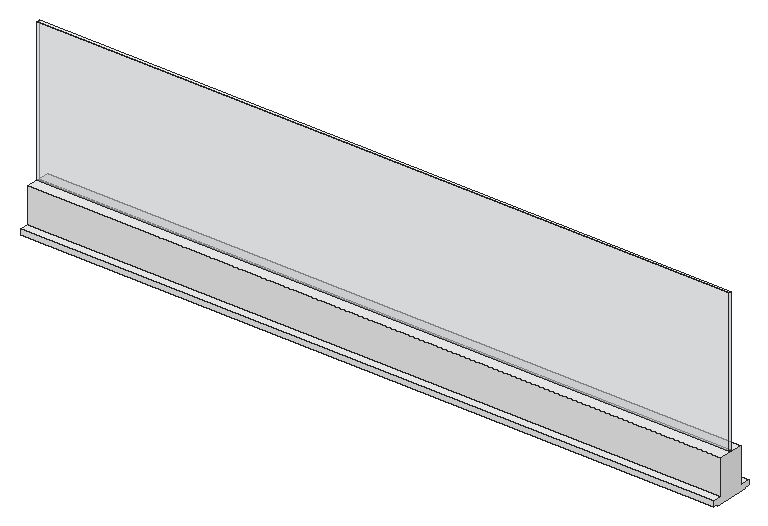
Revit family "Screen-Beam_Mounted-Teknion-JNSAGB-Glass_Add-On-R2015", category Furniture, Revit 2015
Parameters (values of type "Center")
  Width Note [instance] = "This product has widths ranging from 18 to 84 inches in 6 inch increments."  # constant formula
  Width [instance] = 54.000"
  Warranty = "http://www.teknion.com/ca/papers/legal-canada"
  Unit Weight URL = "http://www.teknion.com/ca/tools/assets#&asset=bee6a381-b954-425e-8283-5a2de3a804f2,f828d448-4b62-4231-9e5f-9a8991c0ed77"
  URL = "www.teknion.com"
  Sustainability Data = "http://www.teknion.com/ca/tools/assets#&topic=216f99a5-57a0-44fc-b10a-9dee9b29ae4c&asset=444deb64-fe58-4b68-981e-f75e97781df7"
  Series = "Expansion Cityline"  # constant formula
  Screen Metal Frame Finish [instance] = Mica - Teknion - V - Satin - Very White
  Screen Finish [instance] = Glass - Teknion - FT - Frosted Glass
  Product Page URL = "http://www.teknion.com/ca/products/product-details?productlineid=9ad2a26e-8e7a-673b-a6c8-ff05004460c4"
  Product Line = "Expansion Cityline"  # constant formula
  Product Documentation Link = "http://www.teknion.com/pricing/expansion-cityline/pdfs/JNSAGB_ppg.pdf"
  Part Number = "JNSAGB"  # constant formula
  Model = "JNSAGB"  # constant formula
  Manufacturer Phone = "416-661-3370"  # constant formula
  Manufacturer Fax = "416.661.4586"  # constant formula
  Manufacturer Contact Information = "http://www.teknion.com/ca/contactus"
  Manufacturer Address = "1150 Flint Road, Toronto, ON. M3J 2J5. Canada"  # constant formula
  Manufacturer = "Teknion"  # constant formula
  Height Note [instance] = "This product has the following heights; 42 and 51 inches."  # constant formula
  Height [instance] = 42.000"
  Description = "Glass Add-On Screen – Beam-Mounted"  # constant formula
  Assembly Code = "E2020200"
Reference planes (in)
  plane 1 "Center Front/Back": y = 0
  plane 2: z = 0
  plane 3 "Center Left/Right": x = 0
  plane 4 "Left": x = -27
  plane 5 "Right": x = 27
  plane 6 "Back": y = 0.118
  plane 7 "Front": y = -0.118
  plane 8 "Top": z = 42
  plane 9: z = 27.81102
  plane 10: z = 28.18504
  plane 11: z = 31.81102
  plane 12: z = 53
  plane 13: y = -0.69488
  plane 14: y = 0.69488
  plane 15: y = 0.74988
  plane 16: y = -0.74988
  plane 17: x = -26.94094
  plane 18: x = 26.94094
Forms (in)
  Extrusion 1, solid, material "Mica - Teknion - V - Satin - Very White" <- "Screen Metal Frame Finish"
    sketch origin (0, 0, 0) x (0, 1, 0) y (0, 0, 1)
      loop
        line (1.69291, 27.81102) -> (1.69291, 28.18504) -> (0.94488, 28.18504) -> (0.94488, 30.88976) -> (-0.03602, 30.88976) -> (-0.94488, 30.88976) -> (-0.94488, 28.18504) -> (-1.69291, 28.18504) -> (-1.69291, 27.81102) -> (-1.3248, 27.81102) -> (-1.3248, 27.69291) -> (1.3248, 27.69291) -> (1.3248, 27.81102) -> (1.69291, 27.81102)
    from -27 to 27
  Extrusion 2, solid, material "Glass - Teknion - FT - Frosted Glass" <- "Screen Finish"
    sketch origin (-27, 0, 0) x (0, 1, 0) y (0, 0, 1)
      loop
        line (-0.118, 42) -> (-0.118, 30.88976) -> (0.118, 30.88976) -> (0.118, 42) -> (-0.118, 42)
    from 0.05906 to 53.94094
Lines and regions (in)
  Masking region 1
    outline origin (0, 0, 0) x (1, 0, 0) y (0, 1, 0)
      loop
        line (-27, -0.94488) -> (27, -0.94488) -> (27, 0.94488) -> (-27, 0.94488) -> (-27, -0.94488)
  Masking region 2
    outline origin (0, 0, 0) x (1, 0, 0) y (0, 1, 0)
      loop
        line (-27, 1.69291) -> (-27, -1.69291) -> (27, -1.69291) -> (27, 1.69291) -> (-27, 1.69291)
  symbolic lines, detail levels medium+fine
    curve 1: line (-26.94094, 0.118, 0) -> (26.94094, 0.118, 0)
    curve 2: line (-26.94094, -0.118, 0) -> (26.94094, -0.118, 0)
    curve 6: line (-26.94094, 0.118, 0) -> (-26.94094, -0.118, 0)
    curve 7: line (26.94094, -0.118, 0) -> (26.94094, 0.118, 0)
  symbolic lines, detail levels fine
    curve 3: line (67.96149, -0.118, 26.95669) -> (60.46149, -0.118, 26.95669)
    curve 4: line (27, 1.3248, 0) -> (-27, 1.3248, 0)
    curve 5: line (-27, -1.3248, 0) -> (27, -1.3248, 0)
  reference lines, not visible
    curve 8: line (-27, 1.69291, 0) -> (-27, -1.69291, 0)
    curve 9: line (-27, 1.69291, 0) -> (27, 1.69291, 0)
    curve 10: line (-27, -1.69291, 0) -> (27, -1.69291, 0)
    curve 11: line (27, 1.69291, 0) -> (27, -1.69291, 0)
Dimensions and locks (in)
  "Width": plane 4 "Left" to plane 5 "Right"
  plane 6 "Back" to plane 7 "Front" = 0.236"
  "Height": plane 8 "Top" to level
  locked: plane 9 to plane 2 at 27.81102
  plane 8 "Top" to level = 42.000"
  locked: plane 9 to plane 10 at 0.37402
  equal spacing: plane 4 "Left", plane 3 "Center Left/Right", plane 5 "Right"
  locked: plane 11 to plane 9 at 4
  plane 12 to plane 2 = 53.000"
  plane 13 to plane 7 "Front" = 0.57688"
  plane 6 "Back" to plane 14 = 0.57688"
  locked: plane 16 to plane 13 at 0.055
  locked: plane 14 to plane 15 at 0.055
  plane 9 to Extrusion 1 sketch curve to Extrusion 1 sketch curve = 3.07874" locked, 0.000" locked
  Extrusion 1 sketch curve to Extrusion 1 sketch curve to plane 6 "Back" = 0.37992" locked, 0.82688" locked
  plane 7 "Front" to Extrusion 1 sketch curve to Extrusion 1 sketch curve = 0.82688" locked, 0.37992" locked
  locked: Extrusion 1 sketch curve to plane 6 "Back" at 1.57491
  locked: plane 7 "Front" to Extrusion 1 sketch curve at 1.57491
  locked: Extrusion 1 sketch curve to plane 9 at 0.11811
  locked: plane 4 "Left" to plane 17 at 0.05906
  plane 6 "Back" to plane 1 "Center Front/Back" to plane 7 "Front" = 0.118" locked, 0.118" locked
  locked: plane 5 "Right" to plane 18 at 0.05906
  aligned and locked: level to plane 2
  aligned and locked: Extrusion 1 to plane 5 "Right"
  aligned and locked: Extrusion 1 to plane 4 "Left"
  aligned and locked: plane 8 "Top" to Extrusion 2
  aligned and locked: curve 1 to plane 6 "Back"
  aligned and locked: curve 2 to plane 7 "Front"
  aligned and locked: Masking region 1 sketch curve to plane 4 "Left"
  aligned and locked: Masking region 1 sketch curve to plane 5 "Right"
  aligned and locked: plane 9 to Extrusion 1 sketch curve
  aligned and locked: plane 10 to Extrusion 1 sketch curve  (x2)
  aligned and locked: Extrusion 1 sketch curve to plane 9
  aligned and locked: plane 6 "Back" to Extrusion 2
  aligned and locked: plane 7 "Front" to Extrusion 2
  aligned and locked: Extrusion 2 to plane 17
  aligned and locked: Extrusion 2 to plane 18
  aligned and locked: Extrusion 2 to Extrusion 1
  aligned and locked: Extrusion 2 to curve 6
  aligned and locked: Extrusion 2 to curve 7
  aligned and locked: Masking region 2 sketch curve to plane 5 "Right"
  aligned and locked: Masking region 2 sketch curve to plane 4 "Left"
  aligned and locked: Masking region 2 sketch curve to Extrusion 1  (x2)
  aligned and locked: curve 8 to plane 4 "Left"
  aligned and locked: curve 11 to plane 5 "Right"
  aligned and locked: curve 9 to Masking region 2
  aligned and locked: curve 10 to Masking region 2
Automatic sketch dimensions
  Masking region 1 sketch curve to plane 16 = 0.195"
  Masking region 1 sketch curve to plane 15 = 0.195"
  plane 1 "Center Front/Back" to Extrusion 1 sketch curve = 0.03602"
  plane 7 "Front" to Extrusion 2 sketch curve = 0.000"
  plane 6 "Back" to Extrusion 2 sketch curve = 0.000"
  Extrusion 2 sketch curve to plane 8 "Top" = 0.000"
  Extrusion 2 sketch curve to plane 10 = 2.70472"
  curve 3 to plane 9 = 0.85433"
  plane 5 "Right" to curve 3 = 40.96149"
  curve 3 to curve 3 = 7.500"
  curve 5 to plane 4 "Left" = 0.000"
  curve 4 to plane 4 "Left" = 0.000"
  curve 5 to plane 5 "Right" = 0.000"
  curve 4 to plane 5 "Right" = 0.000"
  curve 5 to plane 16 = 0.57492"
  curve 4 to plane 15 = 0.57492"
  curve 9 to plane 15 = 0.94303"
  curve 11 to plane 16 = 0.94303"
